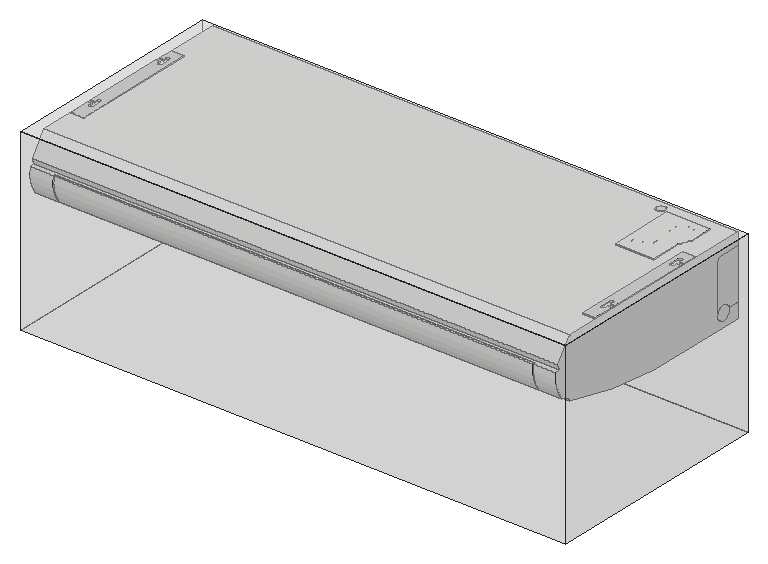
Revit family "outputfile", category 機械設備, Revit 2024
Family settings
  丸型コネクタ寸法 = 半径を使用
  パーツ タイプ = 標準
  OmniClass 番号 = 23.75.10.24.21.27.27
  OmniClass タイトル = Split System Air Conditioning Units
  作業面ベース = いいえ
  常に垂直 = はい
  ロード時にボイドで切り取り = いいえ
  注釈の向きを維持 = いいえ
  共有 = いいえ
  部屋計算ポイント = はい
Parameters (values of type "FHA48DV2S")
  製造元 = "Daikin"
  書き出し IFC クラス(タイプ) = "IfcUnitaryEquipmentType"
  定義済み IFC タイプ(タイプ) = "AIRCONDITIONINGUNIT"
  モデル = "FHA48DV2S"
  switch_frequency = yes
  r_Liquid Pipe Size = Liquid Pipe Size / 2  # 4.75 mm
  r_Gas Pipe Size = Gas Pipe Size / 2  # 7.95 mm
  r_Drain Pipe Size = Drain Pipe Size / 2  # 10.0 mm
  l_powersupply [instance] = if(Rear Right Connection_powersupply, 29.0 mm, 175.0 mm)  # 29.0 mm
  h_mountinghole = 2.0 mm
  connector_voltage = Voltage_50Hz  # 220 V
  connector_powerinput = [Power Input (Cooling)]  # 5.444 kW
  connector_phase = Phase_50Hz  # 1
  angle_vertical_powersupply [instance] = if(Rear Right Connection_powersupply, 90.00°, 180.00°)  # 90.00°
  angle_vertical_drainpipe [instance] = if(or(Left Connection_drainpipe, Right Connection_drainpipe), 90.00°, if(Top Connection_drainpipe, 180.00°, -90.00°))  # -90.00°
  angle_horizontal_powersupply [instance] = if(Rear Right Connection_powersupply, 180.00°, 0.00°)  # 180.00°
  angle_horizontal_drainpipe [instance] = if(Right Connection_drainpipe, 90.00°, if(Left Connection_drainpipe, -90.00°, 0.00°))  # 0.00°
  Voltage_comment_50Hz = "220 - 240"
  Voltage_50Hz = 220 V
  Top Connection_refrigerant [instance] = no
  Top Connection_powersupply [instance] = not(Rear Right Connection_powersupply)  # no
  Right Connection_refrigerant [instance] = no
  Rear Right Connection_refrigerant [instance] = yes
  Phase_50Hz = 1
  Material_Casing = DAIKIN_White_Casing_indoorunit
  lw_powersupply [instance] = if(Rear Right Connection_powersupply, 220.0 mm, 210.0 mm)  # 220.0 mm
  lw_mountinghole_pitch = Width - 40.0 mm  # 1550.0 mm
  lw_mountinghole = 20.0 mm
  lw_liquidpipe [instance] = if(Right Connection_refrigerant, 156.0 mm, if(Top Connection_refrigerant, 156.0 mm, 136.0 mm))  # 136.0 mm
  lw_gaspipe = 105.0 mm
  lw_drainpipe [instance] = if(Top Connection_drainpipe, 102.0 mm, if(Width = 960.0 mm, if(or(Left Connection_drainpipe, Rear Left Connection_drainpipe), 884.0 mm, 83.0 mm), if(Width = 1270.0 mm, if(or(Left Connection_drainpipe, Rear Left Connection_drainpipe), 1194.0 mm, 83.0 mm), if(Width = 1590.0 mm, if(or(Left Connection_drainpipe, Rear Left Connection_drainpipe), 1514.0 mm, 83.0 mm), 83.0 mm))))  # 83.0 mm
  lh_powersupply = 175.0 mm
  lh_liquidpipe [instance] = if(Rear Right Connection_refrigerant, 160.0 mm, 131.0 mm)  # 160.0 mm
  lh_gaspipe [instance] = if(Rear Right Connection_refrigerant, 150.0 mm, 91.0 mm)  # 150.0 mm
  lh_drainpipe = 197.0 mm
  l_antena = 1.0 mm
  ld_powersupply = 30.0 mm
  ld_mountinghole_pitch = 260.0 mm
  ld_mountinghole = 210.0 mm
  ld_liquidpipe [instance] = if(Right Connection_refrigerant, 57.0 mm, if(Top Connection_refrigerant, 189.0 mm, 221.0 mm))  # 221.0 mm
  ld_gaspipe [instance] = if(Right Connection_refrigerant, 57.0 mm, if(Top Connection_refrigerant, 163.0 mm, 214.0 mm))  # 214.0 mm
  ld_drainpipe [instance] = if(or(Left Connection_drainpipe, Right Connection_drainpipe), 57.0 mm, if(Top Connection_drainpipe, 87.0 mm, 268.0 mm))  # 268.0 mm
  l_liquidpipe_length [instance] = if(Right Connection_refrigerant, 156.0 mm, if(Top Connection_refrigerant, 131.0 mm, 220.0 mm))  # 220.0 mm
  l_gaspipe_length [instance] = if(Right Connection_refrigerant, 105.0 mm, if(Top Connection_refrigerant, 91.0 mm, 213.0 mm))  # 213.0 mm
  l_drainpipe_length [instance] = if(Right Connection_drainpipe, 83.0 mm, if(Top Connection_drainpipe, 197.0 mm, if(Left Connection_drainpipe, 76.0 mm, 267.0 mm)))  # 267.0 mm
  h*** = 0.0 mm
  angle_vertical [instance] = if(Right Connection_refrigerant, 90.00°, if(Top Connection_refrigerant, 180.00°, -90.00°))  # -90.00°
  angle_horizontal [instance] = if(Right Connection_refrigerant, 90.00°, 0.00°)  # 0.00°
  Width = 1590.0 mm
  Version = "ver.1.0"
  Unit Type = "Ceiling"
  Unit Mass Weight = 38.00 kg
  Unit Designation [instance] = ""
  Uniclass2015Version = "Products v1.30"
  Uniclass2015Title = "Split coil room air conditioning units"
  Uniclass2015Code = "Pr_70_65_03_86"
  Total Cooling Capacity [instance] = 0.000 kW
  Top Connection_drainpipe [instance] = no
  Sound Pressure Level_M speed (dBA) = 42
  Sound Pressure Level_L speed (dBA) = 38
  Sound Pressure Level_H speed (dBA) = 46
  Series = "SkyAir_Fan Coil Unit"
  Sensible Cooling Capacity [instance] = 0.000 kW
  Rear Right Connection_drainpipe [instance] = yes
  Rear Right Connection_powersupply [instance] = yes
  Right Connection_drainpipe [instance] = no
  Refrigerant Type = "R32"
  Power Input (Cooling) = 5.444 kW
  Option Accessory 3 [instance] = ""
  Option Accessory 2 [instance] = ""
  Option Accessory 1 [instance] = ""
  Nominal Cooling Capacity = 14.100 kW
  Minimum Airflow = 1440.00 m³/h
  Median Airflow = 1740.00 m³/h
  Maximum Airflow = 2040.00 m³/h
  Load Classification = HVAC
  Liquid Pipe Size = 9.5 mm
  Link_Nested Family [instance] = ""
  Rear Left Connection_drainpipe [instance] = no
  Left Connection_drainpipe [instance] = no
  IfcVersion = ""
  IfcExportType = "AIRCONDITIONINGUNIT"
  IfcExportAs = "IfcUnitaryEquipmentType"
  Height = 235.0 mm
  Heat Exchanger Type = "Cross Fin Coil"
  Gas Pipe Size = 15.9 mm
  Frequency_50Hz = 50 Hz
  Fan Type = "Sirocco Fan"
  Fan Drive = "Direct Drive"
  FCU Tag No. [instance] = ""
  Drain Pipe Size = 20.0 mm
  Design Supply Airflow [instance] = 0.00 m³/h
  Design Outdoor Airflow [instance] = 0.00 m³/h
  Depth = 690.0 mm
  既定の高さ = 0.0 mm
  Cooling Entering Wet Bulb Temperature [instance] = 0.00 °C
  Cooling Entering Dry Bulb Temperature [instance] = 0.00 °C
  Cooling Ambient Wet Bulb Temperature [instance] = 0.00 °C
  Cooling Ambient Dry Bulb Temperature [instance] = 0.00 °C
  Clearance visibility [instance] = yes
  Clearance Top = 5.0 mm
  Clearance Right = 30.0 mm
  Clearance Rear = 0.0 mm
  Clearance Left = 30.0 mm
  Clearance Front = 0.0 mm
  Clearance Bottom = 300.0 mm
Reference planes
  plane 1 "Back": y = 0
  plane 2: z = 0
  plane 3 "Center (Left/Right)": x = 0
  plane 4 "Center (Front/Back)": y = -1
  plane 5 "Front": y = -690
  plane 6 "Left": x = -795
  plane 7 "Right": x = 795
  plane 8 "Top": z = 0
  plane 9 "Bottom": z = -235
  plane 10: y = -690
  plane 11: x = -825
  plane 12: x = 825
  plane 13: z = 5
  plane 14: z = -535
  plane 15: y = 0
  plane 16 "lw_mountinghole": x = -775
  plane 17 "lw_mountinghole2": x = 775
  plane 18 "ld_mountinghole": y = -210
  plane 19 "ld_mountinghole2": y = -470
  plane 20 "lw_gaspipe": x = 690
  plane 21 "ld_gaspipe": y = -214
  plane 22 "lh_gaspipe": z = -150
  plane 23 "lw_liquidpipe": x = 659
  plane 24 "ld_liquidpipe": y = -221
  plane 25 "lh_liquidpipe": z = -160
  plane 26 "ld_drainpipe": y = -268
  plane 27 "lw_drainpipe": x = 712
  plane 28 "lh_drainpipe": z = -197
  plane 29 "lw_powersupply": x = 575
  plane 30 "lh_powersupply": z = -175
  plane 31 "ld_powersupply": y = -30
  plane 32: x = -725.5
  plane 33: x = 725.5
  plane 34: x = -750
  plane 35: x = 750
  plane 36: x = -2
  plane 37: x = 2
Forms (mm)
  Extrusion 1, solid, material "DAIKIN_White_Casing_indoorunit" <- "Material_Casing"
    sketch origin (0, 0, 0) x (0, 1, 0) y (0, 0, 1)
      loop
        line (-639.277, 0) -> (-680.876, -61.699) -> (-675.026, -77.772)
        arc (-675.026, -77.772) -> (-681.815, -78.743) -> (-688.601, -79.732) r 2634.132
        arc (-688.601, -79.732) -> (-687.018, -121.096) -> (-669.159, -158.439) r 102.2
        line (-669.159, -158.439) -> (-639.858, -169.325) -> (-635.895, -178.261)
        arc (-635.895, -178.261) -> (-479.121, -215.759) -> (-319.077, -235) r 1400.997
        line (-319.077, -235) -> (-1, -235) -> (-1, 0) -> (-639.277, 0)
    from -795 to 795
  Extrusion 2, solid, material "DAIKIN_White_Casing_indoorunit" <- "Material_Casing"
    sketch origin (0, 0, 0) x (0, 1, 0) y (0, 0, 1)
      loop
        arc (-688.601, -79.732) -> (-687.018, -121.096) -> (-669.159, -158.439) r 102.2
        line (-669.159, -158.439) -> (-665.589, -154.869)
        arc (-665.589, -154.869) -> (-682.432, -118.783) -> (-683.39, -78.971) r 97.2
        arc (-683.39, -78.971) -> (-685.996, -79.351) -> (-688.601, -79.732) r 2634.132
    from -725.5 to 725.5
  Extrusion 3, void
    sketch origin (0, 0, 0) x (0, 1, 0) y (0, 0, 1)
      loop
        line (-301.098, -235) -> (-21.098, -235) -> (-21.098, -230) -> (-301.098, -230) -> (-301.098, -235)
    from -750 to 750
  Extrusion 4, solid, material "DAIKIN_White_Grille_indoorunit"
    sketch origin (0, 0, 0) x (0, 1, 0) y (0, 0, 1)
      loop
        line (-20.098, -230) -> (-301.098, -230) -> (-301.098, -235) -> (-20.098, -235) -> (-20.098, -230)
    from -750 to -2
  Extrusion 5, solid, material "DAIKIN_White_Casing_indoorunit" <- "Material_Casing"
    sketch origin (0, 0, 0) x (1, 0, 0) y (0, 0, 1)
      loop
        line (602, -63) -> (602, -178) -> (673, -220) -> (736, -220) -> (736, -63) -> (602, -63)
    from 0 to 1
  Extrusion 6, solid, material "DAIKIN_White_Casing_indoorunit" <- "Material_Casing"
    sketch origin (0, 0, 0) x (-1, 0, 0) y (0, -1, 0)
      loop
        line (-607, 35) -> (-607, 230) -> (-723, 230) -> (-723, 135) -> (-738, 105) -> (-738, 35) -> (-607, 35)
    from 0 to 1.9
  Extrusion 7, void
    sketch origin (795, 0, 0) x (0, 1, 0) y (0, 0, 1)
      loop
        arc (-79.5, -195) -> (-55.446, -217.446) -> (-34.715, -191.9) r 22.5
        line (-34.715, -191.9) -> (-1, -191.9) -> (-1, -190.1) -> (-35.04, -190.1)
        arc (-35.04, -190.1) -> (-54.942, -172.594) -> (-77.7, -186.182) r 22.5
        line (-77.7, -186.182) -> (-77.7, -43)
        arc (-77.7, -43) -> (-76.528, -40.172) -> (-73.7, -39) r 4
        line (-73.7, -39) -> (-1, -39) -> (-1, -37.2) -> (-73.7, -37.2)
        arc (-73.7, -37.2) -> (-77.801, -38.899) -> (-79.5, -43) r 5.8
        line (-79.5, -43) -> (-79.5, -195)
      loop
        circle (-57, -195) r 20.7
    from 0 to -10
  Extrusion 8, void
    sketch origin (-1444.026, -1, 1200) x (1, 0, 0) y (0, 0, 1)
      loop
        arc (715.026, -1375) -> (704.42, -1379.393) -> (700.026, -1390) r 15
        line (700.026, -1390) -> (700.026, -1400)
        arc (700.026, -1400) -> (704.42, -1410.607) -> (715.026, -1415) r 15
        line (715.026, -1415) -> (745.026, -1415)
        arc (745.026, -1415) -> (755.633, -1410.607) -> (760.026, -1400) r 15
        line (760.026, -1400) -> (760.026, -1390)
        arc (760.026, -1390) -> (755.633, -1379.393) -> (745.026, -1375) r 15
        line (745.026, -1375) -> (715.026, -1375)
    from 0 to 10
  Extrusion 9, void
    sketch origin (-795, 0, 0) x (0, 1, 0) y (0, 0, 1)
      loop
        circle (-57, -197) r 22.5
    from 0 to 10
  Extrusion 10, void
    sketch origin (-1444.026, -1, 1200) x (1, 0, 0) y (0, 0, 1)
      loop
        circle (2136.026, -1375) r 44
    from 0 to 10
  Extrusion 11, void
    sketch origin (0, 0, 0) x (-1, 0, 0) y (0, -1, 0)
      loop
        circle (-693, 87) r 30
    from 0 to -10
  Extrusion 12, void
    sketch origin (0, 0, 0) x (-1, 0, 0) y (0, -1, 0)
      loop
        circle (-690, 163) r 18
    from 0 to -10
  Extrusion 13, void
    sketch origin (0, 0, 0) x (-1, 0, 0) y (0, -1, 0)
      loop
        circle (-639, 189) r 13
    from 0 to -10
  Extrusion 14, void
    sketch origin (-1444.026, -1, 1200) x (1, 0, 0) y (0, 0, 1)
      loop
        circle (2019.026, -1375) r 14.5
    from 0 to 10
  Extrusion 15, void
    sketch origin (0, 0, 0) x (-1, 0, 0) y (0, -1, 0)
      loop
        circle (-585, 30) r 14.5
    from 0 to -10
  Extrusion 16, void
    sketch origin (795, 0, 0) x (0, 1, 0) y (0, 0, 1)
      loop
        arc (-665.589, -154.869) -> (-682.432, -118.783) -> (-683.39, -78.971) r 97.2
        arc (-683.39, -78.971) -> (-685.996, -79.351) -> (-688.601, -79.732) r 2634.132
        arc (-688.601, -79.732) -> (-687.018, -121.096) -> (-669.159, -158.439) r 102.2
        line (-669.159, -158.439) -> (-665.589, -154.869)
    from -69.5 to -1520.5
  Extrusion 17, solid, material "DAIKIN_White_Casing_indoorunit" <- "Material_Casing"
    sketch origin (-795, 0, 0) x (0, 1, 0) y (0, 0, 1)
      loop
        circle (-57, -197) r 22.5
    from 0 to 10
  Extrusion 18, solid, material "DAIKIN_White_Grille_indoorunit"
    sketch origin (780, 0, 0) x (0, 1, 0) y (0, 0, 1)
      loop
        line (-20.098, -230) -> (-301.098, -230) -> (-301.098, -235) -> (-20.098, -235) -> (-20.098, -230)
    from -782 to -778
  Extrusion 19, solid, material "DAIKIN_White_Grille_indoorunit"
    sketch origin (0, 0, 0) x (0, 1, 0) y (0, 0, -1)
      loop
        line (-20.098, 230) -> (-20.098, 235) -> (-301.098, 235) -> (-301.098, 230) -> (-20.098, 230)
    from -750 to -2
Cuts and joins
  Extrusion 3, Extrusion 7, Extrusion 8, Extrusion 9, Extrusion 10, Extrusion 11, Extrusion 12, Extrusion 13, Extrusion 14, Extrusion 15, Extrusion 16 cuts Extrusion 1
Lines and regions (mm)
  reference lines
    curve 1: line (795, -580.282, -192.75) -> (795, -551.225, -200.21)
Dimensions and locks
  equal spacing: plane 6 "Left", plane 3 "Center (Left/Right)", plane 7 "Right"
  "Width": plane 6 "Left" to plane 7 "Right"
  "Depth": plane 5 "Front" to plane 1 "Back"
  "Height": plane 8 "Top" to plane 9 "Bottom"
  "Clearance Front": plane 10 to plane 5 "Front"
  "Clearance Left": plane 11 to plane 6 "Left"
  "Clearance Right": plane 7 "Right" to plane 12
  "Clearance Top": plane 13 to plane 8 "Top"
  "Clearance Bottom": plane 9 "Bottom" to plane 14
  "Clearance Rear": plane 1 "Back" to plane 15
  locked: plane 4 "Center (Front/Back)" to plane 1 "Back" at 1
  locked: Extrusion 1 sketch curve to Extrusion 1 sketch curve at 235
  locked: Extrusion 1 sketch curve to Extrusion 1 sketch curve at 318.077
  locked: Extrusion 1 sketch curve to Extrusion 1 sketch curve at 1163.297
  locked: Extrusion 1 sketch curve to Extrusion 1 sketch curve at 231.144
  Extrusion 3 sketch curve to Extrusion 3 sketch curve to plane 1 "Back" = 280.0 mm locked, 21.098 mm locked
  "ld_mountinghole": plane 18 "ld_mountinghole" to plane 1 "Back"
  "ld_mountinghole_pitch": plane 18 "ld_mountinghole" to plane 19 "ld_mountinghole2"
  "lw_mountinghole_pitch": plane 16 "lw_mountinghole" to plane 17 "lw_mountinghole2"
  "lw_mountinghole": plane 6 "Left" to plane 16 "lw_mountinghole"
  "lw_gaspipe": plane 20 "lw_gaspipe" to plane 7 "Right"
  "ld_gaspipe": plane 1 "Back" to plane 21 "ld_gaspipe"
  "lw_liquidpipe": plane 23 "lw_liquidpipe" to plane 7 "Right"
  "ld_liquidpipe": plane 1 "Back" to plane 24 "ld_liquidpipe"
  "lw_drainpipe": plane 27 "lw_drainpipe" to plane 7 "Right"
  "ld_drainpipe": plane 26 "ld_drainpipe" to plane 1 "Back"
  plane 8 "Top" to Extrusion 5 sketch curve to Extrusion 5 sketch curve = 63.0 mm locked, 157.0 mm locked
  plane 7 "Right" to Extrusion 5 sketch curve to Extrusion 5 sketch curve = 59.0 mm locked, 134.0 mm locked
  locked: Extrusion 5 sketch curve to Extrusion 5 sketch curve at 115
  locked: Extrusion 5 sketch curve to Extrusion 5 sketch curve at 63
  locked: Extrusion 6 sketch curve to Extrusion 6 sketch curve at 195
  locked: Extrusion 6 sketch curve to Extrusion 6 sketch curve at 116
  locked: Extrusion 6 sketch curve to Extrusion 6 sketch curve at 131
  locked: Extrusion 6 sketch curve to Extrusion 6 sketch curve at 100
  locked: Extrusion 6 sketch curve to plane 1 "Back" at 35
  locked: Extrusion 6 sketch curve to plane 7 "Right" at 57
  locked: Extrusion 8 sketch curve to Extrusion 8 sketch curve at 40
  locked: Extrusion 8 sketch curve to Extrusion 8 sketch curve at 60
  locked: plane 8 "Top" to Extrusion 8 sketch curve at 175
  locked: Extrusion 8 sketch curve to plane 6 "Left" at 51
  locked: plane 7 "Right" to Extrusion 10 sketch curve at 103
  locked: plane 8 "Top" to Extrusion 10 sketch curve at 175
  locked: Extrusion 11 sketch curve to plane 1 "Back" at 87
  locked: Extrusion 11 sketch curve to plane 7 "Right" at 102
  locked: Extrusion 12 sketch curve to plane 1 "Back" at 163
  locked: Extrusion 12 sketch curve to plane 7 "Right" at 105
  locked: Extrusion 13 sketch curve to plane 1 "Back" at 189
  locked: Extrusion 13 sketch curve to plane 7 "Right" at 156
  "lw_powersupply": plane 29 "lw_powersupply" to plane 7 "Right"
  "lh_gaspipe": plane 8 "Top" to plane 22 "lh_gaspipe"
  "lh_liquidpipe": plane 8 "Top" to plane 25 "lh_liquidpipe"
  "lh_powersupply": plane 8 "Top" to plane 30 "lh_powersupply"
  "lh_drainpipe": plane 8 "Top" to plane 28 "lh_drainpipe"
  "ld_powersupply": plane 1 "Back" to plane 31 "ld_powersupply"
  locked: plane 8 "Top" to Extrusion 7 sketch curve at 195
  locked: Extrusion 7 sketch curve to plane 1 "Back" at 57
  locked: plane 9 "Bottom" to Extrusion 7 sketch curve at 43.1
  locked: Extrusion 7 sketch curve to plane 8 "Top" at 39
  locked: Extrusion 7 sketch curve to plane 1 "Back" at 79.5
  locked: Extrusion 9 sketch curve to plane 1 "Back" at 57
  locked: plane 8 "Top" to Extrusion 9 sketch curve at 197
  locked: Extrusion 17 sketch curve to plane 1 "Back" at 57
  locked: plane 8 "Top" to Extrusion 17 sketch curve at 197
  locked: plane 7 "Right" to Extrusion 14 sketch curve at 220
  locked: plane 8 "Top" to Extrusion 14 sketch curve at 175
  locked: Extrusion 15 sketch curve to plane 7 "Right" at 210
  locked: Extrusion 15 sketch curve to plane 1 "Back" at 30
  locked: curve 1 to plane 9 "Bottom" at 34.79
  locked: curve 1 to plane 9 "Bottom" at 42.25
  locked: plane 6 "Left" to plane 32 at 69.5
  locked: plane 33 to plane 7 "Right" at 69.5
  locked: plane 35 to plane 7 "Right" at 45
  locked: plane 6 "Left" to plane 34 at 45
  plane 36 to plane 3 "Center (Left/Right)" to plane 37 = 2.0 mm locked, 2.0 mm locked
  locked: curve 1 to plane 9 "Bottom" (angle 14.40°)
  aligned and locked: level to plane 2
  aligned and locked: nested 1 to plane 11
  aligned and locked: nested 1 to plane 12
  aligned and locked: nested 1 to plane 10
  aligned and locked: plane 13 to nested 1
  aligned and locked: plane 14 to nested 1
  aligned and locked: plane 15 to nested 1
  aligned and locked: Extrusion 1 sketch curve to plane 8 "Top"
  aligned and locked: Extrusion 2 sketch curve to Extrusion 1  (x2)
  aligned and locked: plane 7 "Right" to Extrusion 1
  aligned and locked: Extrusion 1 to plane 6 "Left"
  aligned and locked: cut or joined group 1 (Extrusion 1, Extrusion 3, Extrusion 7, Extrusion 8, Extrusion 9, Extrusion 10, Extrusion 11, Extrusion 12, Extrusion 13, Extrusion 14, Extrusion 15, Extrusion 16) to Extrusion 3 sketch curve
  aligned and locked: cut or joined group 1 to Extrusion 4 sketch curve
  aligned and locked: Extrusion 5 to plane 4 "Center (Front/Back)"
  aligned and locked: Extrusion 7 sketch curve to plane 4 "Center (Front/Back)"
  aligned and locked: Extrusion 16 sketch curve to Extrusion 2  (x4)
  aligned and locked: Extrusion 16 to Extrusion 2  (x2)
  aligned and locked: nested 2 to plane 26 "ld_drainpipe"
  aligned and locked: plane 27 "lw_drainpipe" to nested 2
  aligned and locked: plane 20 "lw_gaspipe" to nested 3
  aligned and locked: nested 3 to plane 21 "ld_gaspipe"
  aligned and locked: plane 23 "lw_liquidpipe" to nested 4
  aligned and locked: nested 4 to plane 24 "ld_liquidpipe"
  aligned and locked: plane 25 "lh_liquidpipe" to nested 4
  aligned and locked: nested 5 to plane 31 "ld_powersupply"
  aligned and locked: plane 29 "lw_powersupply" to nested 5
  aligned and locked: nested 7 to plane 18 "ld_mountinghole"
  aligned and locked: plane 16 "lw_mountinghole" to nested 7
  aligned and locked: nested 6 to plane 19 "ld_mountinghole2"
  aligned and locked: plane 16 "lw_mountinghole" to nested 6
  aligned and locked: nested 9 to plane 18 "ld_mountinghole"
  aligned and locked: plane 17 "lw_mountinghole2" to nested 9
  aligned and locked: plane 17 "lw_mountinghole2" to nested 8
  aligned and locked: nested 8 to plane 19 "ld_mountinghole2"
  aligned and locked: nested 10 to curve 1
  aligned and locked: level to plane 8 "Top"
  aligned and locked: cut or joined group 1 to plane 32
  aligned and locked: plane 33 to cut or joined group 1
  aligned and locked: Extrusion 16 to plane 32
  aligned and locked: plane 33 to Extrusion 16
  aligned and locked: Extrusion 4 to plane 34
  aligned and locked: cut or joined group 1 to plane 34
  aligned and locked: plane 34 to Extrusion 4  (x3)
  aligned and locked: plane 16 "lw_mountinghole" to nested 11
  aligned and locked: plane 17 "lw_mountinghole2" to nested 12
  aligned and locked: plane 36 to Extrusion 4
  aligned and locked: Extrusion 18 to plane 36
  aligned and locked: plane 37 to Extrusion 18
  aligned and locked: Extrusion 19 to plane 37
  aligned and locked: plane 37 to Extrusion 19
  aligned and locked: plane 35 to Extrusion 19
  aligned and locked: plane 35 to Extrusion 3
  aligned and locked: Extrusion 4 to cut or joined group 1
  aligned and locked: cut or joined group 1 to Extrusion 18
  aligned and locked: cut or joined group 1 to Extrusion 19
Automatic sketch dimensions
  Extrusion 1 sketch curve to plane 4 "Center (Front/Back)" = 0.0 mm
  Extrusion 1 sketch curve to plane 5 "Front" = 102.2 mm
  Extrusion 1 sketch curve to plane 30 "lh_powersupply" = 3.261 mm
  Extrusion 1 sketch curve to plane 5 "Front" = 50.723 mm
  plane 30 "lh_powersupply" to Extrusion 1 sketch curve = 5.675 mm
  Extrusion 1 sketch curve to Extrusion 1 sketch curve = 3.963 mm
  plane 25 "lh_liquidpipe" to Extrusion 1 sketch curve = 1.561 mm
  Extrusion 1 sketch curve to plane 5 "Front" = 20.841 mm
  Extrusion 1 sketch curve to plane 5 "Front" = 14.974 mm
  Extrusion 1 sketch curve to plane 5 "Front" = 9.124 mm
  Extrusion 1 sketch curve to plane 26 "ld_drainpipe" = 37.278 mm
  Extrusion 1 sketch curve to plane 14 = 2150.825 mm
  plane 22 "lh_gaspipe" to Extrusion 1 sketch curve = 53.413 mm
  Extrusion 1 sketch curve to level = 77.772 mm
  Extrusion 1 sketch curve to Extrusion 1 sketch curve = 16.072 mm
  Extrusion 2 sketch curve to Extrusion 2 sketch curve = 0.0 mm  (x2)
  plane 25 "lh_liquidpipe" to Extrusion 2 sketch curve = 1.561 mm
  Extrusion 2 sketch curve to plane 22 "lh_gaspipe" = 4.869 mm
  Extrusion 2 sketch curve to Extrusion 2 sketch curve = 3.57 mm
  Extrusion 3 sketch curve to Extrusion 3 sketch curve = 5.0 mm
  plane 31 "ld_powersupply" to Extrusion 4 sketch curve = 9.902 mm
  Extrusion 4 sketch curve to Extrusion 4 sketch curve = 5.0 mm
  Extrusion 6 sketch curve to Extrusion 6 sketch curve = 30.0 mm
  Extrusion 7 sketch curve to Extrusion 7 sketch curve = 0.0 mm  (x6)
  Extrusion 7 sketch curve to plane 4 "Center (Front/Back)" = 0.0 mm  (x2)
  Extrusion 7 sketch curve to Extrusion 7 sketch curve = 1.8 mm  (x2)
  Extrusion 7 sketch curve to Extrusion 7 sketch curve = 4.0 mm
  Extrusion 7 sketch curve to Extrusion 7 sketch curve = 0.325 mm
  Extrusion 8 sketch curve to plane 32 = 3.5 mm  (x2)
  Extrusion 8 sketch curve to plane 28 "lh_drainpipe" = 3.0 mm
  Extrusion 8 sketch curve to Extrusion 8 sketch curve = 15.0 mm
  curve 1 to plane 5 "Front" = 109.718 mm
  Extrusion 18 sketch curve to plane 9 "Bottom" = 0.0 mm
  plane 9 "Bottom" to Extrusion 18 sketch curve = 5.0 mm
  Extrusion 18 sketch curve to plane 26 "ld_drainpipe" = 33.098 mm
  plane 31 "ld_powersupply" to Extrusion 18 sketch curve = 9.902 mm
  Extrusion 19 sketch curve to plane 9 "Bottom" = 0.0 mm
  plane 9 "Bottom" to Extrusion 19 sketch curve = 5.0 mm
  Extrusion 19 sketch curve to plane 26 "ld_drainpipe" = 33.098 mm
  plane 31 "ld_powersupply" to Extrusion 19 sketch curve = 9.902 mm
  Extrusion 4 sketch curve to plane 26 "ld_drainpipe" = 33.098 mm
  radius of Extrusion 7 sketch curve = 20.7 mm
  radius of Extrusion 9 sketch curve = 22.5 mm
  radius of Extrusion 10 sketch curve = 44.0 mm
  radius of Extrusion 11 sketch curve = 30.0 mm
  radius of Extrusion 12 sketch curve = 18.0 mm
  radius of Extrusion 13 sketch curve = 13.0 mm
  radius of Extrusion 14 sketch curve = 14.5 mm
  radius of Extrusion 15 sketch curve = 14.5 mm
  radius of Extrusion 17 sketch curve = 22.5 mm
Nested families
  nested 1: "daikin_clearancespace" at (0, -345, -264.881), visible <- "Clearance visibility", show <- "Clearance visibility", Link_Nested Family <- "Link_Nested Family", type "daikin_clearancespace"
    with width 1650.0 mm, show yes, height 540.0 mm, depth 690.0 mm, Link_Nested Family ""
  nested 2: "daikin_connector_rotate3" at (712, -268, -197), radius <- "r_Drain Pipe Size", angle_vertical <- "angle_vertical_drainpipe", angle_horizontal <- "angle_horizontal_drainpipe", length <- "l_drainpipe_length", type "daikin_connector_rotate3"
    with show no, radius 10.0 mm, length 267.0 mm, angle_vertical -90.00°, angle_horizontal 0.00°
  nested 3: "daikin_connector_rotate3" at (690, -214, -150), radius <- "r_Gas Pipe Size", angle_vertical <- "angle_vertical", angle_horizontal <- "angle_horizontal", length <- "l_gaspipe_length", type "daikin_connector_rotate3"
    with show no, radius 7.95 mm, length 213.0 mm, angle_vertical -90.00°, angle_horizontal 0.00°
  nested 4: "daikin_connector_rotate3" at (659, -221, -160), radius <- "r_Liquid Pipe Size", angle_vertical <- "angle_vertical", angle_horizontal <- "angle_horizontal", length <- "l_liquidpipe_length", type "daikin_connector_rotate3"
    with show no, radius 4.75 mm, length 220.0 mm, angle_vertical -90.00°, angle_horizontal 0.00°
  nested 5: "daikin_connector_rotate3" at (575, -30, -175), length <- "l_powersupply", angle_vertical <- "angle_vertical_powersupply", angle_horizontal <- "angle_horizontal_powersupply", type "daikin_connector_rotate3"
    with show no, radius 10.0 mm, length 29.0 mm, angle_vertical 90.00°, angle_horizontal 180.00°
  nested 6: "daikin_mountinghole" at (-775, -470, 0), l_antenna <- "l_antena", Link_Nested Family <- "Link_Nested Family", h_mountinghole <- "h_mountinghole", type "daikin_mountinghole"
    with show yes, l_antenna 1.0 mm, h_mountinghole 2.0 mm, Link_Nested Family ""
  nested 7: "daikin_mountinghole" at (-775, -210, 0), l_antenna <- "l_antena", Link_Nested Family <- "Link_Nested Family", h_mountinghole <- "h_mountinghole", type "daikin_mountinghole"
    with show yes, l_antenna 1.0 mm, h_mountinghole 2.0 mm, Link_Nested Family ""
  nested 8: "daikin_mountinghole" at (775, -470, 0), l_antenna <- "l_antena", Link_Nested Family <- "Link_Nested Family", h_mountinghole <- "h_mountinghole", type "daikin_mountinghole"
    with show yes, l_antenna 1.0 mm, h_mountinghole 2.0 mm, Link_Nested Family ""
  nested 9: "daikin_mountinghole" at (775, -210, 0), Link_Nested Family <- "Link_Nested Family", l_antenna <- "l_antena", h_mountinghole <- "h_mountinghole", type "daikin_mountinghole"
    with show yes, l_antenna 1.0 mm, h_mountinghole 2.0 mm, Link_Nested Family ""
  nested 10: "daikin_logo_plane_w40" at (647.963, -559.801, -198.008) x (1, 0, 0) z (0, -0.2487, -0.9686), type "daikin_logo_plane_w40"
    with show_logo yes
  nested 11: "daikin_hangerfixture_FHA-DV2S" at (-775, 0, 0), type "daikin_hangerfixture_FHA-DV2S"
    with width 38.0 mm, height 2.0 mm, depth 380.0 mm
  nested 12: "daikin_hangerfixture_FHA-DV2S" at (775, 0, 0) x (-1, 0, 0) z (0, 0, 1), type "daikin_hangerfixture_FHA-DV2S"
    with width 38.0 mm, height 2.0 mm, depth 380.0 mm
Connectors
  piping at (712, -1, -197), diameter 20, driven by "r_Drain Pipe Size"
    settings: on nested 2, index 1, connector inside diameter 609.6 mm, connector length 0.0 mm, flow factor 0, pipe flow 0.00 m³/h, pressure drop 0.0 Pa, fitting loss kfactor 0, connector angle 0.00°, fixture units 0, engagement length 0.0 mm, angle of deflection 0.00°, flow configuration 1, flow direction 2, fitting loss method 4, system type 16, joint type 0, gender type 0, connector reference index -1, connector utility 0, adjustable connector no, is connector primary yes, connector description "Condensate Drain Piping"
  piping at (690, -1, -150), diameter 15.9, driven by "r_Gas Pipe Size"
    settings: on nested 3, index 3, connector inside diameter 609.6 mm, connector length 0.0 mm, flow factor 0, pipe flow 0.00 m³/h, pressure drop 0.0 Pa, fitting loss kfactor 0, connector angle 0.00°, fixture units 0, engagement length 0.0 mm, angle of deflection 0.00°, flow configuration 1, flow direction 2, fitting loss method 0, system type 29, joint type 0, gender type 0, connector reference index -1, connector utility 0, adjustable connector no, is connector primary no, connector description "Refrigerant Gas Piping"
  piping at (659, -1, -160), diameter 9.5, driven by "r_Liquid Pipe Size"
    settings: on nested 4, index 4, connector inside diameter 609.6 mm, connector length 0.0 mm, flow factor 0, pipe flow 0.00 m³/h, pressure drop 0.0 Pa, fitting loss kfactor 0, connector angle 0.00°, fixture units 0, engagement length 0.0 mm, angle of deflection 0.00°, flow configuration 1, flow direction 1, fitting loss method 0, system type 29, joint type 0, gender type 0, connector reference index -1, connector utility 0, adjustable connector no, is connector primary no, connector description "Refrigerant Liquid Piping"
  electrical at (575, -1, -175), driven by "Load Classification", driven by "connector_powerinput", driven by "connector_phase", driven by "connector_voltage"
    settings: on nested 5, index 6, voltage 220 V, apparent load 5444 VA, apparent load phase1 0 VA, apparent load phase2 0 VA, apparent load phase3 0 VA, power factor 1, load classification "HVAC", number of poles 1, system type 30, power factor state 1, is connector primary yes, connector utility no, sub classification motor no, connector description "Power Supply"
Definition of nested family "daikin_clearancespace"
  Parameters (values of type "daikin_clearancespace")
    Description = "daikin_clearancespace"
    width [instance] = 1823.963 mm
    show [instance] = yes
    material = none
    height [instance] = 1359.762 mm
    depth [instance] = 880.0 mm
    Default Elevation = 0.0 mm
    Link_Nested Family [instance] = ""
  Reference planes
    plane 1 "Center (Front/Back)": y = 0
    plane 2 "Center (Elevation)": z = -0.119
    plane 3 "Center (Left/Right)": x = 0
    plane 4: y = 440
    plane 5: y = -440
    plane 6 "Right": x = 911.982
    plane 7 "Left": x = -911.982
    plane 8 "Top": z = 679.762
    plane 9 "Bottom": z = -680
  Forms (mm)
    Extrusion 1, solid, material <- "material", visible <- "show"
      sketch origin (0, 0, 0) x (1, 0, 0) y (0, 1, 0)
        loop
          line (-911.982, 440) -> (-911.982, -440) -> (911.982, -440) -> (911.982, 440) -> (-911.982, 440)
      from -680 to 679.762
  Lines and regions (mm)
    symbolic lines, visible <- "show"
      curve 1: line (911.982, 440, 0) -> (-911.982, 440, 0)
      curve 2: line (-911.982, 440, 0) -> (-911.982, -440, 0)
      curve 3: line (-911.982, -440, 0) -> (911.982, -440, 0)
      curve 4: line (911.982, -440, 0) -> (911.982, 440, 0)
      curve 5: line (911.982, 0, 679.762) -> (-911.982, 0, 679.762)
      curve 6: line (911.982, 0, -680) -> (911.982, 0, 679.762)
      curve 7: line (-911.982, 0, -680) -> (911.982, 0, -680)
      curve 8: line (-911.982, 0, 679.762) -> (-911.982, 0, -680)
      curve 9: line (0, 440, 679.762) -> (0, -440, 679.762)
      curve 10: line (0, -440, 679.762) -> (0, -440, -680)
      curve 11: line (0, 440, -680) -> (0, 440, 679.762)
      curve 12: line (0, -440, -680) -> (0, 440, -680)
  Dimensions and locks
    "width": plane 7 "Left" to plane 6 "Right"
    "depth": plane 4 to plane 5
    "height": plane 8 "Top" to plane 9 "Bottom"
    equal spacing: plane 7 "Left", plane 3 "Center (Left/Right)", plane 6 "Right"
    equal spacing: plane 4, plane 1 "Center (Front/Back)", plane 5
    equal spacing: plane 8 "Top", plane 2 "Center (Elevation)", plane 9 "Bottom"
    aligned and locked: level to plane 2 "Center (Elevation)"
    aligned and locked: Extrusion 1 sketch curve to plane 4
    aligned and locked: plane 7 "Left" to Extrusion 1 sketch curve
    aligned and locked: Extrusion 1 sketch curve to plane 5
    aligned and locked: Extrusion 1 sketch curve to plane 6 "Right"
    aligned and locked: plane 8 "Top" to Extrusion 1
    aligned and locked: curve 1 to Extrusion 1
    aligned and locked: curve 2 to Extrusion 1
    aligned and locked: curve 3 to Extrusion 1
    aligned and locked: curve 4 to Extrusion 1
    aligned and locked: curve 5 to Extrusion 1
    aligned and locked: curve 6 to Extrusion 1
    aligned and locked: curve 7 to Extrusion 1
    aligned and locked: curve 8 to Extrusion 1
    aligned and locked: curve 9 to Extrusion 1
    aligned and locked: curve 10 to Extrusion 1
    aligned and locked: curve 11 to Extrusion 1
    aligned and locked: curve 12 to Extrusion 1
    aligned and locked: Extrusion 1 to plane 9 "Bottom"
Definition of nested family "daikin_logo_plane_w40"
  Parameters (values of type "daikin_logo_plane_w40")
    width = 40.0 mm
    show_logo [instance] = yes
    material = none
    height = 0.0 mm
    depth = 0.0 mm
    Default Elevation = 1219.2 mm
  Reference planes
    plane 1 "Center (Front/Back)": y = 0
    plane 2: z = 0
    plane 3 "Center (Left/Right)": x = 0
    plane 4: z = 2
    plane 5 "left": x = -19
    plane 6: x = 19
  Forms (mm)
    Extrusion 1, solid, visible <- "show_logo"
      sketch origin (-19, 0, 0) x (1, 0, 0) y (0, 1, 0)
        loop
          line (8.902, -1.878) -> (7.789, -6.332) -> (11.13, -6.332)
          arc (11.13, -6.332) -> (12.454, -6.064) -> (13.472, -5.176) r 2.642
          arc (13.472, -5.176) -> (13.92, -4.02) -> (13.767, -2.79) r 2.537
          arc (13.767, -2.79) -> (13.452, -2.342) -> (12.982, -2.06) r 1.321
          arc (12.982, -2.06) -> (12.063, -1.902) -> (11.13, -1.878) r 6.479
          line (11.13, -1.878) -> (8.902, -1.878)
        loop
          line (10.016, -5.441) -> (10.907, -5.441)
          arc (10.907, -5.441) -> (11.591, -4.983) -> (11.988, -4.261) r 1.742
          spline (11.988, -4.261) -> (12.01, -4.155) -> (12.027, -4.03) -> (12.037, -3.893) -> (12.037, -3.747) -> (12.026, -3.598) -> (12.002, -3.451) -> (11.962, -3.31) -> (11.905, -3.181) -> (11.829, -3.069) -> (11.731, -2.978) -> (11.61, -2.913) -> (11.464, -2.88)
          line (11.464, -2.88) -> (10.573, -2.88) -> (10.016, -5.441)
        loop
          line (13.58, -6.332) -> (14.805, -6.332) -> (15.223, -5.553) -> (16.977, -5.553) -> (17.144, -6.332) -> (19.149, -6.332) -> (18.258, -1.878) -> (16.03, -1.878) -> (13.58, -6.332)
        loop
          line (16.476, -3.214) -> (15.76, -4.551) -> (16.762, -4.551) -> (16.476, -3.214)
        loop
          line (19.705, -6.332) -> (21.599, -6.332) -> (22.712, -1.878) -> (20.819, -1.878) -> (19.705, -6.332)
        loop
          line (22.712, -6.332) -> (24.606, -6.332) -> (24.908, -5.122) -> (25.831, -6.332) -> (28.17, -6.332) -> (26.388, -3.994) -> (28.949, -1.878) -> (26.945, -1.878) -> (25.401, -3.153) -> (25.719, -1.878) -> (23.826, -1.878) -> (22.712, -6.332)
        loop
          line (29.84, -1.878) -> (28.615, -6.332) -> (30.62, -6.332) -> (31.734, -1.878) -> (29.84, -1.878)
        loop
          line (31.734, -6.332) -> (33.07, -6.332) -> (33.7, -3.814) -> (34.518, -6.332) -> (36.745, -6.332) -> (37.859, -1.878) -> (36.523, -1.878) -> (35.845, -4.589) -> (34.963, -1.878) -> (32.847, -1.878) -> (31.734, -6.332)
      from 0 to 2
    Extrusion 2, solid, visible <- "show_logo"
      sketch origin (-19, 0, 0) x (1, 0, 0) y (0, 1, 0)
        loop
          line (8.7, 0) -> (4.235, 0) -> (0, -3.879) -> (0, -8) -> (8.7, 0)
      from 0 to 2
    Extrusion 3, solid, visible <- "show_logo"
      sketch origin (-19, 0, 0) x (1, 0, 0) y (0, 1, 0)
        loop
          line (0, 0) -> (0, -3.879) -> (4.235, 0) -> (0, 0)
      from 0 to 2
  Dimensions and locks
    plane 4 to plane 2 = 2.0 mm
    equal spacing: plane 5 "left", plane 3 "Center (Left/Right)", plane 6
    locked: plane 5 "left" to plane 6 at 38
    aligned and locked: level to plane 2
    aligned and locked: Extrusion 3 to plane 1 "Center (Front/Back)"  (x2)
    aligned and locked: Extrusion 2 to plane 1 "Center (Front/Back)"  (x2)
    aligned and locked: plane 4 to Extrusion 1
    aligned and locked: plane 4 to Extrusion 3
    aligned and locked: plane 4 to Extrusion 2
    aligned and locked: Extrusion 3 to plane 5 "left"
    aligned and locked: Extrusion 2 to plane 5 "left"
  Automatic sketch dimensions
    Extrusion 1 sketch curve to Extrusion 1 sketch curve = 0.901 mm
    Extrusion 1 sketch curve to Extrusion 1 sketch curve = 1.559 mm
    Extrusion 1 sketch curve to Extrusion 1 sketch curve = 1.327 mm
    Extrusion 1 sketch curve to Extrusion 1 sketch curve = 2.145 mm
    Extrusion 1 sketch curve to Extrusion 1 sketch curve = 1.448 mm
    Extrusion 1 sketch curve to Extrusion 1 sketch curve = 2.116 mm
    Extrusion 1 sketch curve to Extrusion 1 sketch curve = 1.114 mm  (x4)
    Extrusion 1 sketch curve to Extrusion 1 sketch curve = 1.336 mm  (x2)
    plane 1 "Center (Front/Back)" to Extrusion 1 sketch curve = 1.878 mm  (x5)
    Extrusion 1 sketch curve to Extrusion 1 sketch curve = 1.893 mm  (x5)
    Extrusion 1 sketch curve to Extrusion 1 sketch curve = 0.891 mm  (x4)
    Extrusion 1 sketch curve to Extrusion 1 sketch curve = 2.005 mm  (x3)
    Extrusion 1 sketch curve to Extrusion 1 sketch curve = 0.445 mm  (x2)
    plane 1 "Center (Front/Back)" to Extrusion 1 sketch curve = 3.994 mm
    Extrusion 1 sketch curve to Extrusion 1 sketch curve = 0.557 mm  (x2)
    Extrusion 1 sketch curve to Extrusion 1 sketch curve = 2.339 mm  (x2)
    Extrusion 1 sketch curve to Extrusion 1 sketch curve = 1.225 mm  (x3)
    plane 1 "Center (Front/Back)" to Extrusion 1 sketch curve = 3.153 mm
    Extrusion 1 sketch curve to Extrusion 1 sketch curve = 0.987 mm
    plane 1 "Center (Front/Back)" to Extrusion 1 sketch curve = 5.122 mm
    Extrusion 1 sketch curve to Extrusion 1 sketch curve = 0.922 mm
    plane 1 "Center (Front/Back)" to Extrusion 1 sketch curve = 6.332 mm
    Extrusion 1 sketch curve to Extrusion 1 sketch curve = 2.562 mm
    plane 1 "Center (Front/Back)" to Extrusion 1 sketch curve = 5.553 mm
    Extrusion 1 sketch curve to Extrusion 1 sketch curve = 0.167 mm
    Extrusion 1 sketch curve to Extrusion 1 sketch curve = 0.215 mm
    plane 1 "Center (Front/Back)" to Extrusion 1 sketch curve = 3.214 mm
    Extrusion 1 sketch curve to Extrusion 1 sketch curve = 0.286 mm
    plane 1 "Center (Front/Back)" to Extrusion 1 sketch curve = 4.551 mm
    Extrusion 1 sketch curve to Extrusion 1 sketch curve = 1.002 mm
    Extrusion 1 sketch curve to Extrusion 1 sketch curve = 0.537 mm
    Extrusion 1 sketch curve to Extrusion 1 sketch curve = 0.418 mm
    Extrusion 1 sketch curve to Extrusion 1 sketch curve = 1.028 mm
    plane 1 "Center (Front/Back)" to Extrusion 1 sketch curve = 4.261 mm
    Extrusion 1 sketch curve to Extrusion 1 sketch curve = 0.563 mm
    plane 1 "Center (Front/Back)" to Extrusion 1 sketch curve = 2.88 mm
    Extrusion 1 sketch curve to Extrusion 1 sketch curve = 1.088 mm
    Extrusion 1 sketch curve to Extrusion 1 sketch curve = 2.152 mm
    Extrusion 1 sketch curve to Extrusion 1 sketch curve = 0.586 mm
    Extrusion 1 sketch curve to Extrusion 1 sketch curve = 0.118 mm
    Extrusion 1 sketch curve to Extrusion 1 sketch curve = 0.298 mm
    Extrusion 1 sketch curve to Extrusion 1 sketch curve = 0.334 mm
    Extrusion 1 sketch curve to Extrusion 1 sketch curve = 0.223 mm
    Extrusion 1 sketch curve to Extrusion 1 sketch curve = 0.266 mm
    Extrusion 1 sketch curve to Extrusion 1 sketch curve = 1.671 mm
    Extrusion 1 sketch curve to Extrusion 1 sketch curve = 2.227 mm
    Extrusion 1 sketch curve to Extrusion 1 sketch curve = 0.0 mm  (x7)
    Extrusion 1 sketch curve to Extrusion 1 sketch curve = 3.453 mm
    Extrusion 1 sketch curve to Extrusion 1 sketch curve = 2.017 mm
    Extrusion 1 sketch curve to Extrusion 1 sketch curve = 0.78 mm  (x2)
    Extrusion 1 sketch curve to Extrusion 1 sketch curve = 1.743 mm
    Extrusion 1 sketch curve to Extrusion 1 sketch curve = 0.775 mm
    Extrusion 1 sketch curve to Extrusion 1 sketch curve = 0.552 mm
    Extrusion 1 sketch curve to Extrusion 1 sketch curve = 0.014 mm
    Extrusion 1 sketch curve to Extrusion 1 sketch curve = 0.952 mm
    Extrusion 1 sketch curve to Extrusion 1 sketch curve = 1.215 mm
    Extrusion 1 sketch curve to Extrusion 1 sketch curve = 0.108 mm
    plane 1 "Center (Front/Back)" to Extrusion 2 sketch curve = 0.0 mm
    Extrusion 2 sketch curve to plane 3 "Center (Left/Right)" = 19.0 mm
    Extrusion 2 sketch curve to plane 3 "Center (Left/Right)" = 14.765 mm
    Extrusion 2 sketch curve to Extrusion 2 sketch curve = 4.465 mm
    plane 1 "Center (Front/Back)" to Extrusion 2 sketch curve = 3.879 mm
    Extrusion 2 sketch curve to Extrusion 2 sketch curve = 4.12 mm
    plane 1 "Center (Front/Back)" to Extrusion 3 sketch curve = 0.0 mm
    Extrusion 3 sketch curve to plane 3 "Center (Left/Right)" = 19.0 mm
    Extrusion 3 sketch curve to plane 3 "Center (Left/Right)" = 14.765 mm
    plane 1 "Center (Front/Back)" to Extrusion 3 sketch curve = 3.879 mm
    Extrusion 1 sketch curve to plane 3 "Center (Left/Right)" = 11.211 mm
    Extrusion 1 sketch curve to Extrusion 1 sketch curve = 1.782 mm
Definition of nested family "daikin_hangerfixture_FHA-DV2S"
  Parameters (values of type "daikin_hangerfixture_FHA-CV2S")
    width = 44.0 mm
    material = none
    height = 155.0 mm
    depth = 33.0 mm
    Default Elevation = 0.0 mm
  Reference planes
    plane 1 "Center (Front/Back)": y = 0
    plane 2: z = 0
    plane 3 "Center (Left/Right)": x = 0
    plane 4: z = -2.3
    plane 5: z = -155
    plane 6: z = -12
  Forms (mm)
    Extrusion 1, solid
      sketch origin (0, 0, 0) x (1, 0, 0) y (0, 1, 0)
        loop
          line (20, -159) -> (-18, -159) -> (-18, -204) -> (-6, -204) -> (-6, -196)
          arc (-6, -196) -> (0, -190) -> (6, -196) r 6
          line (6, -196) -> (6, -224)
          arc (6, -224) -> (0, -230) -> (-6, -224) r 6
          line (-6, -224) -> (-6, -216) -> (-18, -216) -> (-18, -464) -> (-6, -464) -> (-6, -456)
          arc (-6, -456) -> (0, -450) -> (6, -456) r 6
          line (6, -456) -> (6, -484)
          arc (6, -484) -> (0, -490) -> (-6, -484) r 6
          line (-6, -484) -> (-6, -476) -> (-18, -476) -> (-18, -539) -> (20, -539) -> (20, -159)
      from 0 to 2
  Dimensions and locks
    plane 2 to plane 4 = 2.3 mm
    "height": plane 2 to plane 5
    locked: plane 2 to plane 6 at 12
    aligned and locked: level to plane 2
  Automatic sketch dimensions
    plane 3 "Center (Left/Right)" to Extrusion 1 sketch curve = 20.0 mm
    plane 1 "Center (Front/Back)" to Extrusion 1 sketch curve = 159.0 mm
    Extrusion 1 sketch curve to plane 3 "Center (Left/Right)" = 18.0 mm
    Extrusion 1 sketch curve to Extrusion 1 sketch curve = 380.0 mm
    Extrusion 1 sketch curve to Extrusion 1 sketch curve = 63.0 mm
    Extrusion 1 sketch curve to plane 3 "Center (Left/Right)" = 0.0 mm  (x4)
    plane 3 "Center (Left/Right)" to Extrusion 1 sketch curve = 6.0 mm
    Extrusion 1 sketch curve to Extrusion 1 sketch curve = 8.0 mm  (x4)
    Extrusion 1 sketch curve to Extrusion 1 sketch curve = 20.0 mm  (x2)
    Extrusion 1 sketch curve to Extrusion 1 sketch curve = 0.0 mm  (x2)
    Extrusion 1 sketch curve to Extrusion 1 sketch curve = 57.0 mm
    Extrusion 1 sketch curve to plane 3 "Center (Left/Right)" = 6.0 mm
Definition of nested family "daikin_connector_rotate3"
  Parameters (values of type "daikin_connector_rotate3")
    show [instance] = yes
    radius [instance] = 10.0 mm
    length [instance] = 600.0 mm
    angle_horizontal [instance] = 60.00°
    angle_vertical [instance] = 90.00°
    Default Elevation = 1219.2 mm
  Reference planes
    plane 1 "Center (Front/Back)": y = 0
    plane 2: z = 0
    plane 3 "Center (Left/Right)": x = 0
  Dimensions and locks
    "angle_horizontal": angle plane 3 "Center (Left/Right)" to nested 1
    aligned and locked: level to plane 2
    aligned and locked: plane 1 "Center (Front/Back)" to nested 1  (x2)
    aligned and locked: plane 3 "Center (Left/Right)" to nested 1
  Nested families
    nested 1: "daikin_connector_rotate2" at (0, 0, 0) x (0.5, 0.866, 0) z (0, 0, 1), angle_vertical <- "angle_vertical", length <- "length", radius <- "radius", type "daikin_connector_rotate2"
      with radius 10.0 mm, length 600.0 mm, angle_vertical 90.00°
  Definition of nested family "daikin_connector_rotate2"
    Parameters (values of type "daikin_connector_rotate2")
      show_face = yes
      radius [instance] = 10.0 mm
      length [instance] = 600.0 mm
      d_surface = 10.0 mm
      angle_vertical [instance] = 90.00°
      Default Elevation = 0.0 mm
    Reference planes
      plane 1 "Center (Front/Back)": y = 0
      plane 2: z = 0
      plane 3 "Center (Left/Right)": x = 0
    Forms (mm)
      Extrusion 1, solid, visible <- "show_face"
        sketch origin (0, -600, 0) x (1, 0, 0) y (0, 0, 1)
          loop
            circle (0, 0) r 10
        from 0 to -10
    Lines and regions (mm)
      reference lines
        curve 1: line (0, 0, 0) -> (0, -600, 0)
      symbolic lines
        curve 2: circle (0, 0, 0) r 5 normal (0, 0, 1)
      model lines, visible <- "show_face"
        curve 3: line (0, 0, 0) -> (0, -600, 0)
    Dimensions and locks
      "length": curve 1 to curve 1
      "length": curve 3 to curve 3
      "d_surface": Extrusion 1 to Extrusion 1
      "radius": radius of Extrusion 1 sketch curve
      "angle_vertical": angle curve 1 to plane 1 "Center (Front/Back)"
      "angle_vertical": angle curve 3 to plane 1 "Center (Front/Back)"
      aligned and locked: level to plane 2
      aligned and locked: plane 1 "Center (Front/Back)" to curve 1
      aligned and locked: plane 2 to curve 1
      aligned and locked: plane 1 "Center (Front/Back)" to curve 2
      aligned and locked: plane 3 "Center (Left/Right)" to curve 2
      aligned and locked: plane 1 "Center (Front/Back)" to curve 3
      aligned and locked: plane 2 to curve 3
      aligned and locked: Extrusion 1 to Extrusion 1
    Automatic sketch dimensions
      Extrusion 1 sketch curve to level = 0.0 mm
      Extrusion 1 sketch curve to plane 3 "Center (Left/Right)" = 0.0 mm
      radius of curve 2 = 5.0 mm
Definition of nested family "daikin_mountinghole"
  Parameters (values of type "daikin_mountinghole")
    Default Elevation = 1219.2 mm
    Type Comments = "mountinghole"
    show [instance] = yes
    material = none
    l_centerline = 100.0 mm
    l_antenna [instance] = 100.0 mm
    h_mountinghole [instance] = 0.0 mm
    d_circle = 30.0 mm
    Link_Nested Family [instance] = ""
  Reference planes
    plane 1 "Center (Front/Back)": y = 0
    plane 2: z = 0
    plane 3 "Center (Left/Right)": x = 0
    plane 4: y = 50
    plane 5: x = -50
    plane 6: x = 50
    plane 7: y = -50
    plane 8 "h_mountinghole": z = 0
    plane 9: z = 100
  Lines and regions (mm)
    model lines, detail levels fine
      curve 1: circle (0, 0, 0) r 15 normal (0, 0, 1)
      curve 2: line (-50, 0, 0) -> (50, 0, 0)
      curve 3: line (0, 50, 0) -> (0, -50, 0)
    symbolic lines, detail levels fine
      curve 4: circle (0, 0, 0) r 15 normal (0, 0, 1)
      curve 5: line (-50, 0, 0) -> (50, 0, 0)
      curve 6: line (0, 50, 0) -> (0, -50, 0)
    model lines
      curve 7: line (0, 0, 100) -> (0, 0, 0)
  Dimensions and locks
    equal spacing: plane 4, plane 1 "Center (Front/Back)", plane 7
    "l_centerline": plane 4 to plane 7
    equal spacing: plane 5, plane 3 "Center (Left/Right)", plane 6
    "l_centerline": plane 5 to plane 6
    "l_antenna": plane 9 to plane 8 "h_mountinghole"
    "h_mountinghole": plane 8 "h_mountinghole" to plane 2
    "d_circle": diameter of curve 1
    "d_circle": diameter of curve 4
    aligned and locked: level to plane 2
    aligned and locked: plane 1 "Center (Front/Back)" to curve 1
    aligned and locked: plane 3 "Center (Left/Right)" to curve 1
    aligned and locked: plane 1 "Center (Front/Back)" to curve 2
    aligned and locked: curve 3 to plane 3 "Center (Left/Right)"
    aligned and locked: plane 6 to curve 2
    aligned and locked: plane 5 to curve 2
    aligned and locked: plane 4 to curve 3
    aligned and locked: plane 7 to curve 3
    aligned and locked: plane 1 "Center (Front/Back)" to curve 4
    aligned and locked: plane 3 "Center (Left/Right)" to curve 4
    aligned and locked: plane 6 to curve 5
    aligned and locked: plane 5 to curve 5
    aligned and locked: plane 1 "Center (Front/Back)" to curve 5
    aligned and locked: plane 4 to curve 6
    aligned and locked: plane 7 to curve 6
    aligned and locked: curve 6 to plane 3 "Center (Left/Right)"
    aligned and locked: curve 7 to plane 3 "Center (Left/Right)"
    aligned and locked: plane 9 to curve 7
    aligned and locked: plane 8 "h_mountinghole" to curve 7
